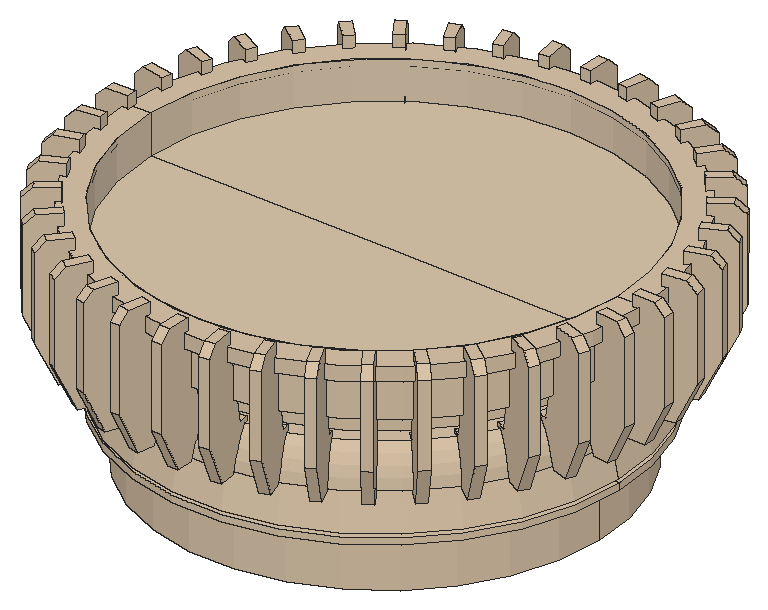
Revit family "KHL_Kemlux-Celing", category Lighting Fixtures, host Face, Revit 2013
Parameters (values of type "KHL-18L-X-5K-5M")
  Wattage Comments = "43 Watts, 18 LEDs"
  Wattage = 43 W
  Watt = 43 W
  built-in parameter 1150110 = 1 (stored number, unit not read)
  Voltage = 277 V
  URL = "http://www.hubbellindustrial.com/"
  built-in parameter 1114217 = 1 (stored number, unit not read)
  Tilt Angle = -90.00°
  built-in parameter 1150109 = 1 (stored number, unit not read)
  built-in parameter 1150134 = 2
  built-in parameter 1150113 = 1 (stored number, unit not read)
  Product Page URL = "http://www.hubbellindustrial.com/products/kh_iii_led"
  Product Documentation Link = "http://cdn.hubbellindustrial.com/content/products/specs/specs_files/hil_khl_specsht.pdf"
  Power Factor = 1
  Photometric Web Link = "http://www.hubbellindustrial.com/products/khl_flood"
  Photometric Web File = "KXL-18L-X-5K-5M.ies"
  Optics = "Type V Square"
  Model = "KHL - Kemlux III LED"  # constant formula
  Material Finish = Hubbell - Tan
  Manufacturer = "Hubbell Industrial Lighting"  # constant formula
  built-in parameter 1150105 = 345.6 (stored number, unit not read)
  Lumens = 4343 lm
  built-in parameter 1150115 = 1 (stored number, unit not read)
  Load Classification = Lighting
  built-in parameter 1150137 = (empty or 0)
  built-in parameter 1150139 = (empty or 0)
  built-in parameter 1150112 = 1 (stored number, unit not read)
  built-in parameter 1150114 = 1 (stored number, unit not read)
  Lamp = "18 High Performanc LEDs"
  built-in parameter 1150132 = (empty or 0)
  built-in parameter 1150102 = (empty or 0)
  built-in parameter 1150107 = 5000 (stored number, unit not read)
  built-in parameter 1150138 = (empty or 0)
  built-in parameter 1150106 = 3.456 (stored number, unit not read)
  Glass = Hubbell - White Glass
  Emit from Circle Diameter = 0' - 11"
  Emit Shape Visible in Rendering = no
  built-in parameter 1150104 = 9.3832 (stored number, unit not read)
  Dimming Lamp Color Temperature Shift = <None>
  Description = "Class I, Division 2 LED Fixture Series"  # constant formula
  Default Elevation = 4' - 0"
  Color Filter = 16777215
  built-in parameter 1114218 = 1 (stored number, unit not read)
  built-in parameter 1150133 = 10 (stored number, unit not read)
  Apparent Load = Watt / Power Factor  # 43 VA
Reference planes (in)
  plane 1 "Center (Front/Back)": y = 0
  plane 2: z = 0
  plane 3 "Center (Left/Right)": x = 0
  plane 4: x = -7
  plane 5: x = 7
Dimensions and locks (in)
  equal spacing: plane 5, plane 3 "Center (Left/Right)", plane 4, locked at 7 each
  aligned and locked: plane 2 to host face
  aligned and locked: level to host face
  aligned and locked: nested 1 to plane 3 "Center (Left/Right)"
  aligned and locked: nested 1 to plane 1 "Center (Front/Back)"
  aligned and locked: plane 3 "Center (Left/Right)" to imposter light
  aligned and locked: imposter light to plane 1 "Center (Front/Back)"
  aligned and locked: imposter light to nested 1
Automatic sketch dimensions
  host sketch curve to host sketch curve = 8' - 0"  (x2)
Nested families (in)
  nested 1: "KHL" at (0, 0, 0) x (-1, 0, 0) z (0, 0, 1), type "KHL"
Connectors (in)
  electrical at (0, 0, 0), driven by "Load Classification", driven by "Voltage", driven by "Apparent Load", driven by "Power Factor"
    settings: on nested 1, index 1, voltage 277 V, apparent load 43 VA, apparent load phase1 0 VA, apparent load phase2 0 VA, apparent load phase3 0 VA, power factor 1, load classification "Lighting", number of poles 1, system type 30, power factor state 1, is connector primary yes, connector utility no, sub classification motor no, connector description "Lighting Connector"
Definition of nested family "KHL"
  Parameters (values of type "KHL")
    Wattage Comments = ""
    URL = ""
    Model = ""
    Material Finish = none
    Manufacturer = ""
    Lamp = ""
    IES FILE LINK = ""
    Glass = none
    Description = ""
    Default Elevation = 4' - 0"
    Apparent Load = 0 VA
  Reference planes (in)
    plane 1 "Center (Front/Back)": y = 0
    plane 2: z = 0
    plane 3 "Center (Left/Right)": x = 0
    plane 4: z = 6
    plane 5: x = -7.25
    plane 6: x = 7.25
    plane 7: x = -5.5
    plane 8: x = 5.5
  Forms (in)
    Extrusion 1, solid
      sketch origin (0, 0, 0) x (1, 0, 0) y (0, 1, 0)
        loop
          line (-48, 48) -> (-48, -48) -> (48, -48) -> (48, 48) -> (-48, 48)
      from 0 to -12
    Revolve 2, solid, material <- "Material Finish"
      sketch origin (0, 0, 0) x (1, 0, 0) y (0, 0, 1)
        loop
          line (5.5, 0) -> (5.5, 1.3125) -> (6, 1.3125) -> (6, 1.47979) -> (5.5, 1.47979) -> (5.5, 1.5625) -> (5.99031, 1.5625) -> (5.73742, 2.6875) -> (6.24933, 2.6875)
          arc (6.24933, 2.6875) -> (6.15662, 3.19814) -> (5.89032, 3.6436) r 1.45262
          line (5.89032, 3.6436) -> (5.5, 3.6436) -> (5.5, 4.37254) -> (6.34375, 4.37254) -> (6.34375, 5.37007) -> (6.59375, 5.37007) -> (6.59375, 5.71977) -> (5.95302, 5.71977) -> (5.95302, 4.75) -> (0, 4.75) -> (0, 0) -> (5.5, 0)
        axis (0, 5.71977) -> (0, 0)
      angle from 0 to 360
    Extrusion 3, solid, material <- "Glass"
      sketch origin (0, 0, 0) x (1, 0, 0) y (0, 1, 0)
        loop
          circle (0, 0) r 5.95302
      from 5.71977 to 5.56262
    Extrusion 4, solid, material <- "Material Finish"
      sketch origin (0, 0, 0) x (1, 0, 0) y (0, 0, 1)
        loop
          line (6.42821, 6) -> (6.42821, 5.66655) -> (6.045, 3.7335) -> (5.75, 3.7335) -> (5.75, 3.06247) -> (6.1875, 3.06247) -> (6.31956, 2.66852) -> (6.75, 2.66852) -> (7.25, 3.69367) -> (7.25, 5.75) -> (7, 6) -> (6.42821, 6)
      from 0.125 to -0.125
    Extrusion 5, solid, material <- "Material Finish"
      sketch origin (0, 0, 0) x (0.987688, -0.156434, 0) y (0, 0, 1)
        loop
          line (6.42821, 6) -> (6.42821, 5.66655) -> (6.045, 3.7335) -> (5.75, 3.7335) -> (5.75, 3.06247) -> (6.1875, 3.06247) -> (6.31956, 2.66852) -> (6.75, 2.66852) -> (7.25, 3.69367) -> (7.25, 5.75) -> (7, 6) -> (6.42821, 6)
      from 0.125 to -0.125
    Extrusion 6, solid, material <- "Material Finish"
      sketch origin (0, 0, 0) x (0.951057, -0.309017, 0) y (0, 0, 1)
        loop
          line (6.42821, 6) -> (6.42821, 5.66655) -> (6.045, 3.7335) -> (5.75, 3.7335) -> (5.75, 3.06247) -> (6.1875, 3.06247) -> (6.31956, 2.66852) -> (6.75, 2.66852) -> (7.25, 3.69367) -> (7.25, 5.75) -> (7, 6) -> (6.42821, 6)
      from 0.125 to -0.125
    Extrusion 7, solid, material <- "Material Finish"
      sketch origin (0, 0, 0) x (0.891007, -0.45399, 0) y (0, 0, 1)
        loop
          line (6.42821, 6) -> (6.42821, 5.66655) -> (6.045, 3.7335) -> (5.75, 3.7335) -> (5.75, 3.06247) -> (6.1875, 3.06247) -> (6.31956, 2.66852) -> (6.75, 2.66852) -> (7.25, 3.69367) -> (7.25, 5.75) -> (7, 6) -> (6.42821, 6)
      from 0.125 to -0.125
    Extrusion 8, solid, material <- "Material Finish"
      sketch origin (0, 0, 0) x (0.809017, -0.587785, 0) y (0, 0, 1)
        loop
          line (6.42821, 6) -> (6.42821, 5.66655) -> (6.045, 3.7335) -> (5.75, 3.7335) -> (5.75, 3.06247) -> (6.1875, 3.06247) -> (6.31956, 2.66852) -> (6.75, 2.66852) -> (7.25, 3.69367) -> (7.25, 5.75) -> (7, 6) -> (6.42821, 6)
      from 0.125 to -0.125
    Extrusion 9, solid, material <- "Material Finish"
      sketch origin (0, 0, 0) x (0.707107, -0.707107, 0) y (0, 0, 1)
        loop
          line (6.42821, 6) -> (6.42821, 5.66655) -> (6.045, 3.7335) -> (5.75, 3.7335) -> (5.75, 3.06247) -> (6.1875, 3.06247) -> (6.31956, 2.66852) -> (6.75, 2.66852) -> (7.25, 3.69367) -> (7.25, 5.75) -> (7, 6) -> (6.42821, 6)
      from 0.125 to -0.125
    Extrusion 10, solid, material <- "Material Finish"
      sketch origin (0, 0, 0) x (0.587785, -0.809017, 0) y (0, 0, 1)
        loop
          line (6.42821, 6) -> (6.42821, 5.66655) -> (6.045, 3.7335) -> (5.75, 3.7335) -> (5.75, 3.06247) -> (6.1875, 3.06247) -> (6.31956, 2.66852) -> (6.75, 2.66852) -> (7.25, 3.69367) -> (7.25, 5.75) -> (7, 6) -> (6.42821, 6)
      from 0.125 to -0.125
    Extrusion 11, solid, material <- "Material Finish"
      sketch origin (0, 0, 0) x (0.45399, -0.891007, 0) y (0, 0, 1)
        loop
          line (6.42821, 6) -> (6.42821, 5.66655) -> (6.045, 3.7335) -> (5.75, 3.7335) -> (5.75, 3.06247) -> (6.1875, 3.06247) -> (6.31956, 2.66852) -> (6.75, 2.66852) -> (7.25, 3.69367) -> (7.25, 5.75) -> (7, 6) -> (6.42821, 6)
      from 0.125 to -0.125
    Extrusion 12, solid, material <- "Material Finish"
      sketch origin (0, 0, 0) x (0.309017, -0.951057, 0) y (0, 0, 1)
        loop
          line (6.42821, 6) -> (6.42821, 5.66655) -> (6.045, 3.7335) -> (5.75, 3.7335) -> (5.75, 3.06247) -> (6.1875, 3.06247) -> (6.31956, 2.66852) -> (6.75, 2.66852) -> (7.25, 3.69367) -> (7.25, 5.75) -> (7, 6) -> (6.42821, 6)
      from 0.125 to -0.125
    Extrusion 13, solid, material <- "Material Finish"
      sketch origin (0, 0, 0) x (0.156434, -0.987688, 0) y (0, 0, 1)
        loop
          line (6.42821, 6) -> (6.42821, 5.66655) -> (6.045, 3.7335) -> (5.75, 3.7335) -> (5.75, 3.06247) -> (6.1875, 3.06247) -> (6.31956, 2.66852) -> (6.75, 2.66852) -> (7.25, 3.69367) -> (7.25, 5.75) -> (7, 6) -> (6.42821, 6)
      from 0.125 to -0.125
    Extrusion 14, solid, material <- "Material Finish"
      sketch origin (0, 0, 0) x (0, -1, 0) y (0, 0, 1)
        loop
          line (6.42821, 6) -> (6.42821, 5.66655) -> (6.045, 3.7335) -> (5.75, 3.7335) -> (5.75, 3.06247) -> (6.1875, 3.06247) -> (6.31956, 2.66852) -> (6.75, 2.66852) -> (7.25, 3.69367) -> (7.25, 5.75) -> (7, 6) -> (6.42821, 6)
      from 0.125 to -0.125
    Extrusion 15, solid, material <- "Material Finish"
      sketch origin (0, 0, 0) x (-0.156434, -0.987688, 0) y (0, 0, 1)
        loop
          line (6.42821, 6) -> (6.42821, 5.66655) -> (6.045, 3.7335) -> (5.75, 3.7335) -> (5.75, 3.06247) -> (6.1875, 3.06247) -> (6.31956, 2.66852) -> (6.75, 2.66852) -> (7.25, 3.69367) -> (7.25, 5.75) -> (7, 6) -> (6.42821, 6)
      from 0.125 to -0.125
    Extrusion 16, solid, material <- "Material Finish"
      sketch origin (0, 0, 0) x (-0.309017, -0.951057, 0) y (0, 0, 1)
        loop
          line (6.42821, 6) -> (6.42821, 5.66655) -> (6.045, 3.7335) -> (5.75, 3.7335) -> (5.75, 3.06247) -> (6.1875, 3.06247) -> (6.31956, 2.66852) -> (6.75, 2.66852) -> (7.25, 3.69367) -> (7.25, 5.75) -> (7, 6) -> (6.42821, 6)
      from 0.125 to -0.125
    Extrusion 17, solid, material <- "Material Finish"
      sketch origin (0, 0, 0) x (-0.45399, -0.891007, 0) y (0, 0, 1)
        loop
          line (6.42821, 6) -> (6.42821, 5.66655) -> (6.045, 3.7335) -> (5.75, 3.7335) -> (5.75, 3.06247) -> (6.1875, 3.06247) -> (6.31956, 2.66852) -> (6.75, 2.66852) -> (7.25, 3.69367) -> (7.25, 5.75) -> (7, 6) -> (6.42821, 6)
      from 0.125 to -0.125
    Extrusion 18, solid, material <- "Material Finish"
      sketch origin (0, 0, 0) x (-0.587785, -0.809017, 0) y (0, 0, 1)
        loop
          line (6.42821, 6) -> (6.42821, 5.66655) -> (6.045, 3.7335) -> (5.75, 3.7335) -> (5.75, 3.06247) -> (6.1875, 3.06247) -> (6.31956, 2.66852) -> (6.75, 2.66852) -> (7.25, 3.69367) -> (7.25, 5.75) -> (7, 6) -> (6.42821, 6)
      from 0.125 to -0.125
    Extrusion 19, solid, material <- "Material Finish"
      sketch origin (0, 0, 0) x (-0.707107, -0.707107, 0) y (0, 0, 1)
        loop
          line (6.42821, 6) -> (6.42821, 5.66655) -> (6.045, 3.7335) -> (5.75, 3.7335) -> (5.75, 3.06247) -> (6.1875, 3.06247) -> (6.31956, 2.66852) -> (6.75, 2.66852) -> (7.25, 3.69367) -> (7.25, 5.75) -> (7, 6) -> (6.42821, 6)
      from 0.125 to -0.125
    Extrusion 20, solid, material <- "Material Finish"
      sketch origin (0, 0, 0) x (-0.809017, -0.587785, 0) y (0, 0, 1)
        loop
          line (6.42821, 6) -> (6.42821, 5.66655) -> (6.045, 3.7335) -> (5.75, 3.7335) -> (5.75, 3.06247) -> (6.1875, 3.06247) -> (6.31956, 2.66852) -> (6.75, 2.66852) -> (7.25, 3.69367) -> (7.25, 5.75) -> (7, 6) -> (6.42821, 6)
      from 0.125 to -0.125
    Extrusion 21, solid, material <- "Material Finish"
      sketch origin (0, 0, 0) x (-0.891007, -0.45399, 0) y (0, 0, 1)
        loop
          line (6.42821, 6) -> (6.42821, 5.66655) -> (6.045, 3.7335) -> (5.75, 3.7335) -> (5.75, 3.06247) -> (6.1875, 3.06247) -> (6.31956, 2.66852) -> (6.75, 2.66852) -> (7.25, 3.69367) -> (7.25, 5.75) -> (7, 6) -> (6.42821, 6)
      from 0.125 to -0.125
    Extrusion 22, solid, material <- "Material Finish"
      sketch origin (0, 0, 0) x (-0.951057, -0.309017, 0) y (0, 0, 1)
        loop
          line (6.42821, 6) -> (6.42821, 5.66655) -> (6.045, 3.7335) -> (5.75, 3.7335) -> (5.75, 3.06247) -> (6.1875, 3.06247) -> (6.31956, 2.66852) -> (6.75, 2.66852) -> (7.25, 3.69367) -> (7.25, 5.75) -> (7, 6) -> (6.42821, 6)
      from 0.125 to -0.125
    Extrusion 23, solid, material <- "Material Finish"
      sketch origin (0, 0, 0) x (-0.987688, -0.156434, 0) y (0, 0, 1)
        loop
          line (6.42821, 6) -> (6.42821, 5.66655) -> (6.045, 3.7335) -> (5.75, 3.7335) -> (5.75, 3.06247) -> (6.1875, 3.06247) -> (6.31956, 2.66852) -> (6.75, 2.66852) -> (7.25, 3.69367) -> (7.25, 5.75) -> (7, 6) -> (6.42821, 6)
      from 0.125 to -0.125
    Extrusion 24, solid, material <- "Material Finish"
      sketch origin (0, 0, 0) x (-1, 0, 0) y (0, 0, 1)
        loop
          line (6.42821, 6) -> (6.42821, 5.66655) -> (6.045, 3.7335) -> (5.75, 3.7335) -> (5.75, 3.06247) -> (6.1875, 3.06247) -> (6.31956, 2.66852) -> (6.75, 2.66852) -> (7.25, 3.69367) -> (7.25, 5.75) -> (7, 6) -> (6.42821, 6)
      from 0.125 to -0.125
    Extrusion 25, solid, material <- "Material Finish"
      sketch origin (0, 0, 0) x (-0.987688, 0.156434, 0) y (0, 0, 1)
        loop
          line (6.42821, 6) -> (6.42821, 5.66655) -> (6.045, 3.7335) -> (5.75, 3.7335) -> (5.75, 3.06247) -> (6.1875, 3.06247) -> (6.31956, 2.66852) -> (6.75, 2.66852) -> (7.25, 3.69367) -> (7.25, 5.75) -> (7, 6) -> (6.42821, 6)
      from 0.125 to -0.125
    Extrusion 26, solid, material <- "Material Finish"
      sketch origin (0, 0, 0) x (-0.951057, 0.309017, 0) y (0, 0, 1)
        loop
          line (6.42821, 6) -> (6.42821, 5.66655) -> (6.045, 3.7335) -> (5.75, 3.7335) -> (5.75, 3.06247) -> (6.1875, 3.06247) -> (6.31956, 2.66852) -> (6.75, 2.66852) -> (7.25, 3.69367) -> (7.25, 5.75) -> (7, 6) -> (6.42821, 6)
      from 0.125 to -0.125
    Extrusion 27, solid, material <- "Material Finish"
      sketch origin (0, 0, 0) x (-0.891007, 0.45399, 0) y (0, 0, 1)
        loop
          line (6.42821, 6) -> (6.42821, 5.66655) -> (6.045, 3.7335) -> (5.75, 3.7335) -> (5.75, 3.06247) -> (6.1875, 3.06247) -> (6.31956, 2.66852) -> (6.75, 2.66852) -> (7.25, 3.69367) -> (7.25, 5.75) -> (7, 6) -> (6.42821, 6)
      from 0.125 to -0.125
    Extrusion 28, solid, material <- "Material Finish"
      sketch origin (0, 0, 0) x (-0.809017, 0.587785, 0) y (0, 0, 1)
        loop
          line (6.42821, 6) -> (6.42821, 5.66655) -> (6.045, 3.7335) -> (5.75, 3.7335) -> (5.75, 3.06247) -> (6.1875, 3.06247) -> (6.31956, 2.66852) -> (6.75, 2.66852) -> (7.25, 3.69367) -> (7.25, 5.75) -> (7, 6) -> (6.42821, 6)
      from 0.125 to -0.125
    Extrusion 29, solid, material <- "Material Finish"
      sketch origin (0, 0, 0) x (-0.707107, 0.707107, 0) y (0, 0, 1)
        loop
          line (6.42821, 6) -> (6.42821, 5.66655) -> (6.045, 3.7335) -> (5.75, 3.7335) -> (5.75, 3.06247) -> (6.1875, 3.06247) -> (6.31956, 2.66852) -> (6.75, 2.66852) -> (7.25, 3.69367) -> (7.25, 5.75) -> (7, 6) -> (6.42821, 6)
      from 0.125 to -0.125
    Extrusion 30, solid, material <- "Material Finish"
      sketch origin (0, 0, 0) x (-0.587785, 0.809017, 0) y (0, 0, 1)
        loop
          line (6.42821, 6) -> (6.42821, 5.66655) -> (6.045, 3.7335) -> (5.75, 3.7335) -> (5.75, 3.06247) -> (6.1875, 3.06247) -> (6.31956, 2.66852) -> (6.75, 2.66852) -> (7.25, 3.69367) -> (7.25, 5.75) -> (7, 6) -> (6.42821, 6)
      from 0.125 to -0.125
    Extrusion 31, solid, material <- "Material Finish"
      sketch origin (0, 0, 0) x (-0.45399, 0.891007, 0) y (0, 0, 1)
        loop
          line (6.42821, 6) -> (6.42821, 5.66655) -> (6.045, 3.7335) -> (5.75, 3.7335) -> (5.75, 3.06247) -> (6.1875, 3.06247) -> (6.31956, 2.66852) -> (6.75, 2.66852) -> (7.25, 3.69367) -> (7.25, 5.75) -> (7, 6) -> (6.42821, 6)
      from 0.125 to -0.125
    Extrusion 32, solid, material <- "Material Finish"
      sketch origin (0, 0, 0) x (-0.309017, 0.951057, 0) y (0, 0, 1)
        loop
          line (6.42821, 6) -> (6.42821, 5.66655) -> (6.045, 3.7335) -> (5.75, 3.7335) -> (5.75, 3.06247) -> (6.1875, 3.06247) -> (6.31956, 2.66852) -> (6.75, 2.66852) -> (7.25, 3.69367) -> (7.25, 5.75) -> (7, 6) -> (6.42821, 6)
      from 0.125 to -0.125
    Extrusion 33, solid, material <- "Material Finish"
      sketch origin (0, 0, 0) x (-0.156434, 0.987688, 0) y (0, 0, 1)
        loop
          line (6.42821, 6) -> (6.42821, 5.66655) -> (6.045, 3.7335) -> (5.75, 3.7335) -> (5.75, 3.06247) -> (6.1875, 3.06247) -> (6.31956, 2.66852) -> (6.75, 2.66852) -> (7.25, 3.69367) -> (7.25, 5.75) -> (7, 6) -> (6.42821, 6)
      from 0.125 to -0.125
    Extrusion 34, solid, material <- "Material Finish"
      sketch origin (0, 0, 0) x (0, 1, 0) y (0, 0, 1)
        loop
          line (6.42821, 6) -> (6.42821, 5.66655) -> (6.045, 3.7335) -> (5.75, 3.7335) -> (5.75, 3.06247) -> (6.1875, 3.06247) -> (6.31956, 2.66852) -> (6.75, 2.66852) -> (7.25, 3.69367) -> (7.25, 5.75) -> (7, 6) -> (6.42821, 6)
      from 0.125 to -0.125
    Extrusion 35, solid, material <- "Material Finish"
      sketch origin (0, 0, 0) x (0.156434, 0.987688, 0) y (0, 0, 1)
        loop
          line (6.42821, 6) -> (6.42821, 5.66655) -> (6.045, 3.7335) -> (5.75, 3.7335) -> (5.75, 3.06247) -> (6.1875, 3.06247) -> (6.31956, 2.66852) -> (6.75, 2.66852) -> (7.25, 3.69367) -> (7.25, 5.75) -> (7, 6) -> (6.42821, 6)
      from 0.125 to -0.125
    Extrusion 36, solid, material <- "Material Finish"
      sketch origin (0, 0, 0) x (0.309017, 0.951057, 0) y (0, 0, 1)
        loop
          line (6.42821, 6) -> (6.42821, 5.66655) -> (6.045, 3.7335) -> (5.75, 3.7335) -> (5.75, 3.06247) -> (6.1875, 3.06247) -> (6.31956, 2.66852) -> (6.75, 2.66852) -> (7.25, 3.69367) -> (7.25, 5.75) -> (7, 6) -> (6.42821, 6)
      from 0.125 to -0.125
    Extrusion 37, solid, material <- "Material Finish"
      sketch origin (0, 0, 0) x (0.45399, 0.891007, 0) y (0, 0, 1)
        loop
          line (6.42821, 6) -> (6.42821, 5.66655) -> (6.045, 3.7335) -> (5.75, 3.7335) -> (5.75, 3.06247) -> (6.1875, 3.06247) -> (6.31956, 2.66852) -> (6.75, 2.66852) -> (7.25, 3.69367) -> (7.25, 5.75) -> (7, 6) -> (6.42821, 6)
      from 0.125 to -0.125
    Extrusion 38, solid, material <- "Material Finish"
      sketch origin (0, 0, 0) x (0.587785, 0.809017, 0) y (0, 0, 1)
        loop
          line (6.42821, 6) -> (6.42821, 5.66655) -> (6.045, 3.7335) -> (5.75, 3.7335) -> (5.75, 3.06247) -> (6.1875, 3.06247) -> (6.31956, 2.66852) -> (6.75, 2.66852) -> (7.25, 3.69367) -> (7.25, 5.75) -> (7, 6) -> (6.42821, 6)
      from 0.125 to -0.125
    Extrusion 39, solid, material <- "Material Finish"
      sketch origin (0, 0, 0) x (0.707107, 0.707107, 0) y (0, 0, 1)
        loop
          line (6.42821, 6) -> (6.42821, 5.66655) -> (6.045, 3.7335) -> (5.75, 3.7335) -> (5.75, 3.06247) -> (6.1875, 3.06247) -> (6.31956, 2.66852) -> (6.75, 2.66852) -> (7.25, 3.69367) -> (7.25, 5.75) -> (7, 6) -> (6.42821, 6)
      from 0.125 to -0.125
    Extrusion 40, solid, material <- "Material Finish"
      sketch origin (0, 0, 0) x (0.809017, 0.587785, 0) y (0, 0, 1)
        loop
          line (6.42821, 6) -> (6.42821, 5.66655) -> (6.045, 3.7335) -> (5.75, 3.7335) -> (5.75, 3.06247) -> (6.1875, 3.06247) -> (6.31956, 2.66852) -> (6.75, 2.66852) -> (7.25, 3.69367) -> (7.25, 5.75) -> (7, 6) -> (6.42821, 6)
      from 0.125 to -0.125
    Extrusion 41, solid, material <- "Material Finish"
      sketch origin (0, 0, 0) x (0.891007, 0.45399, 0) y (0, 0, 1)
        loop
          line (6.42821, 6) -> (6.42821, 5.66655) -> (6.045, 3.7335) -> (5.75, 3.7335) -> (5.75, 3.06247) -> (6.1875, 3.06247) -> (6.31956, 2.66852) -> (6.75, 2.66852) -> (7.25, 3.69367) -> (7.25, 5.75) -> (7, 6) -> (6.42821, 6)
      from 0.125 to -0.125
    Extrusion 42, solid, material <- "Material Finish"
      sketch origin (0, 0, 0) x (0.951057, 0.309017, 0) y (0, 0, 1)
        loop
          line (6.42821, 6) -> (6.42821, 5.66655) -> (6.045, 3.7335) -> (5.75, 3.7335) -> (5.75, 3.06247) -> (6.1875, 3.06247) -> (6.31956, 2.66852) -> (6.75, 2.66852) -> (7.25, 3.69367) -> (7.25, 5.75) -> (7, 6) -> (6.42821, 6)
      from 0.125 to -0.125
    Extrusion 43, solid, material <- "Material Finish"
      sketch origin (0, 0, 0) x (0.987688, 0.156434, 0) y (0, 0, 1)
        loop
          line (6.42821, 6) -> (6.42821, 5.66655) -> (6.045, 3.7335) -> (5.75, 3.7335) -> (5.75, 3.06247) -> (6.1875, 3.06247) -> (6.31956, 2.66852) -> (6.75, 2.66852) -> (7.25, 3.69367) -> (7.25, 5.75) -> (7, 6) -> (6.42821, 6)
      from 0.125 to -0.125
  Lines and regions (in)
    reference lines
      curve 1: line (5.95302, 0, 4.75) -> (0, 0, 4.75)
      curve 2: line (5.95302, 0, 5.92266) -> (5.95302, 0, 4.75)
      curve 3: line (6.59375, 0, 5.37007) -> (6.59375, 0, 5.92266)
      curve 4: line (6.34375, 0, 5.37007) -> (6.59375, 0, 5.37007)
      curve 5: line (6.34375, 0, 4.37254) -> (5.5, 0, 4.37254)
      curve 6: line (6.34375, 0, 4.37254) -> (6.34375, 0, 5.37007)
      curve 7: arc (6.25, 0, 2.75) -> (6.14885, 0, 3.28681) -> (5.85927, 0, 3.75) r 1.47501
      curve 8: line (5.85927, 0, 2.75) -> (6.25, 0, 2.75)
      curve 9: line (5.85927, 0, 2.75) -> (5.85927, 0, 1.75)
      curve 10: line (5.85927, 0, 1.75) -> (4.74529, 0, 1.75)
      curve 11: line (5.85927, 0, 3.75) -> (4.8978, 0, 3.75)
      curve 12: line (5.10824, 0, 5.71977) -> (6.99125, 0, 5.71977)
  Dimensions and locks (in)
    locked: plane 4 to plane 2 at 6
    equal spacing: plane 6, plane 3 "Center (Left/Right)", plane 5
    locked: plane 6 to plane 5 at 14.5
    equal spacing: plane 8, plane 3 "Center (Left/Right)", plane 7, locked at 5.5 each
    aligned and locked: plane 2 to Extrusion 1
    aligned and locked: level to Extrusion 1
    aligned and locked: Revolve 2 sketch curve to plane 2
    aligned and locked: Extrusion 3 sketch curve to Revolve 2
    aligned and locked: Revolve 2 sketch curve to curve 1
    aligned and locked: Revolve 2 sketch curve to plane 8
    aligned and locked: plane 8 to Revolve 2 sketch curve
    aligned and locked: curve 5 to Revolve 2 sketch curve
    aligned and locked: Revolve 2 sketch curve to curve 6
    aligned and locked: Revolve 2 sketch curve to curve 4
    aligned and locked: Revolve 2 sketch curve to curve 3
    aligned and locked: Revolve 2 sketch curve to curve 12
  Automatic sketch dimensions
    Extrusion 1 sketch curve to Extrusion 1 sketch curve = 8' - 0"  (x2)
    curve 1 to plane 3 "Center (Left/Right)" = 0' - 0"
    plane 8 to curve 5 = 0' - 0"
    plane 8 to curve 10 = 0' - 0.75471"
    plane 8 to curve 7 = 0' - 0.72501"
    plane 8 to curve 11 = 0' - 0.6022"
    plane 8 to curve 12 = 0' - 0.39176"
    curve 11 to plane 8 = 0' - 0.35927"
    curve 8 to plane 8 = 0' - 0.35927"
    curve 2 to plane 4 = 0' - 0.07734"
    curve 2 to plane 8 = 0' - 0.45302"
    curve 8 to curve 8 = 0' - 0.39073"
    curve 1 to curve 6 = 0' - 0.39073"
    curve 4 to curve 4 = 0' - 0 1/4"
    plane 6 to curve 12 = 0' - 0.25875"
    curve 12 to plane 4 = 0' - 0.28023"
    curve 6 to plane 4 = 0' - 0.62993"
    curve 2 to curve 4 = 0' - 0.62007"
    curve 5 to curve 1 = 0' - 0.37746"
    curve 11 to curve 5 = 0' - 0.62254"
    curve 9 to curve 8 = 0' - 1"
    curve 3 to plane 4 = 0' - 0.07734"
    Extrusion 4 sketch curve to Extrusion 4 sketch curve = 0' - 0 7/16"
    Extrusion 4 sketch curve to Extrusion 4 sketch curve = 0' - 0.13206"
    Extrusion 4 sketch curve to Extrusion 4 sketch curve = 0' - 0.295"
    Extrusion 4 sketch curve to Extrusion 4 sketch curve = 0' - 0.38321"
    Extrusion 4 sketch curve to Extrusion 4 sketch curve = 0' - 0.43044"
    Extrusion 4 sketch curve to Extrusion 4 sketch curve = 0' - 0.57179"
    Extrusion 4 sketch curve to Extrusion 4 sketch curve = 0' - 0 1/4"  (x2)
    Extrusion 4 sketch curve to Extrusion 4 sketch curve = 0' - 0.39395"
    Extrusion 4 sketch curve to Extrusion 4 sketch curve = 0' - 1.02515"
    Extrusion 4 sketch curve to Extrusion 4 sketch curve = 0' - 0.67103"
    Extrusion 4 sketch curve to Extrusion 4 sketch curve = 0' - 1.93305"
    Extrusion 4 sketch curve to Extrusion 4 sketch curve = 0' - 0.08345"
    Extrusion 5 sketch curve to Extrusion 5 sketch curve = 0' - 0 7/16"
    Extrusion 5 sketch curve to Extrusion 5 sketch curve = 0' - 0.13206"
    Extrusion 5 sketch curve to Extrusion 5 sketch curve = 0' - 0.295"
    Extrusion 5 sketch curve to Extrusion 5 sketch curve = 0' - 0.38321"
    Extrusion 5 sketch curve to Extrusion 5 sketch curve = 0' - 0.43044"
    Extrusion 5 sketch curve to Extrusion 5 sketch curve = 0' - 0.57179"
    Extrusion 5 sketch curve to Extrusion 5 sketch curve = 0' - 0 1/4"  (x2)
    Extrusion 5 sketch curve to Extrusion 5 sketch curve = 0' - 0.39395"
    Extrusion 5 sketch curve to Extrusion 5 sketch curve = 0' - 1.02515"
    Extrusion 5 sketch curve to Extrusion 5 sketch curve = 0' - 0.67103"
    Extrusion 5 sketch curve to Extrusion 5 sketch curve = 0' - 1.93305"
    Extrusion 5 sketch curve to Extrusion 5 sketch curve = 0' - 0.08345"
    Extrusion 6 sketch curve to Extrusion 6 sketch curve = 0' - 0 7/16"
    Extrusion 6 sketch curve to Extrusion 6 sketch curve = 0' - 0.13206"
    Extrusion 6 sketch curve to Extrusion 6 sketch curve = 0' - 0.295"
    Extrusion 6 sketch curve to Extrusion 6 sketch curve = 0' - 0.38321"
    Extrusion 6 sketch curve to Extrusion 6 sketch curve = 0' - 0.43044"
    Extrusion 6 sketch curve to Extrusion 6 sketch curve = 0' - 0.57179"
    Extrusion 6 sketch curve to Extrusion 6 sketch curve = 0' - 0 1/4"  (x2)
    Extrusion 6 sketch curve to Extrusion 6 sketch curve = 0' - 0.39395"
    Extrusion 6 sketch curve to Extrusion 6 sketch curve = 0' - 1.02515"
    Extrusion 6 sketch curve to Extrusion 6 sketch curve = 0' - 0.67103"
    Extrusion 6 sketch curve to Extrusion 6 sketch curve = 0' - 1.93305"
    Extrusion 6 sketch curve to Extrusion 6 sketch curve = 0' - 0.08345"
    Extrusion 7 sketch curve to Extrusion 7 sketch curve = 0' - 0 7/16"
    Extrusion 7 sketch curve to Extrusion 7 sketch curve = 0' - 0.13206"
    Extrusion 7 sketch curve to Extrusion 7 sketch curve = 0' - 0.295"
    Extrusion 7 sketch curve to Extrusion 7 sketch curve = 0' - 0.38321"
    Extrusion 7 sketch curve to Extrusion 7 sketch curve = 0' - 0.43044"
    Extrusion 7 sketch curve to Extrusion 7 sketch curve = 0' - 0.57179"
    Extrusion 7 sketch curve to Extrusion 7 sketch curve = 0' - 0 1/4"  (x2)
    Extrusion 7 sketch curve to Extrusion 7 sketch curve = 0' - 0.39395"
    Extrusion 7 sketch curve to Extrusion 7 sketch curve = 0' - 1.02515"
    Extrusion 7 sketch curve to Extrusion 7 sketch curve = 0' - 0.67103"
    Extrusion 7 sketch curve to Extrusion 7 sketch curve = 0' - 1.93305"
    Extrusion 7 sketch curve to Extrusion 7 sketch curve = 0' - 0.08345"
    Extrusion 8 sketch curve to Extrusion 8 sketch curve = 0' - 0 7/16"
    Extrusion 8 sketch curve to Extrusion 8 sketch curve = 0' - 0.13206"
    Extrusion 8 sketch curve to Extrusion 8 sketch curve = 0' - 0.295"
    Extrusion 8 sketch curve to Extrusion 8 sketch curve = 0' - 0.38321"
    Extrusion 8 sketch curve to Extrusion 8 sketch curve = 0' - 0.43044"
    Extrusion 8 sketch curve to Extrusion 8 sketch curve = 0' - 0.57179"
    Extrusion 8 sketch curve to Extrusion 8 sketch curve = 0' - 0 1/4"  (x2)
    Extrusion 8 sketch curve to Extrusion 8 sketch curve = 0' - 0.39395"
    Extrusion 8 sketch curve to Extrusion 8 sketch curve = 0' - 1.02515"
    Extrusion 8 sketch curve to Extrusion 8 sketch curve = 0' - 0.67103"
    Extrusion 8 sketch curve to Extrusion 8 sketch curve = 0' - 1.93305"
    Extrusion 8 sketch curve to Extrusion 8 sketch curve = 0' - 0.08345"
    Extrusion 9 sketch curve to Extrusion 9 sketch curve = 0' - 0 7/16"
    Extrusion 9 sketch curve to Extrusion 9 sketch curve = 0' - 0.13206"
    Extrusion 9 sketch curve to Extrusion 9 sketch curve = 0' - 0.295"
    Extrusion 9 sketch curve to Extrusion 9 sketch curve = 0' - 0.38321"
    Extrusion 9 sketch curve to Extrusion 9 sketch curve = 0' - 0.43044"
    Extrusion 9 sketch curve to Extrusion 9 sketch curve = 0' - 0.57179"
    Extrusion 9 sketch curve to Extrusion 9 sketch curve = 0' - 0 1/4"  (x2)
    Extrusion 9 sketch curve to Extrusion 9 sketch curve = 0' - 0.39395"
    Extrusion 9 sketch curve to Extrusion 9 sketch curve = 0' - 1.02515"
    Extrusion 9 sketch curve to Extrusion 9 sketch curve = 0' - 0.67103"
    Extrusion 9 sketch curve to Extrusion 9 sketch curve = 0' - 1.93305"
    Extrusion 9 sketch curve to Extrusion 9 sketch curve = 0' - 0.08345"
    Extrusion 10 sketch curve to Extrusion 10 sketch curve = 0' - 0 7/16"
    Extrusion 10 sketch curve to Extrusion 10 sketch curve = 0' - 0.13206"
    Extrusion 10 sketch curve to Extrusion 10 sketch curve = 0' - 0.295"
    Extrusion 10 sketch curve to Extrusion 10 sketch curve = 0' - 0.38321"
    Extrusion 10 sketch curve to Extrusion 10 sketch curve = 0' - 0.43044"
    Extrusion 10 sketch curve to Extrusion 10 sketch curve = 0' - 0.57179"
    Extrusion 10 sketch curve to Extrusion 10 sketch curve = 0' - 0 1/4"  (x2)
    Extrusion 10 sketch curve to Extrusion 10 sketch curve = 0' - 0.39395"
    Extrusion 10 sketch curve to Extrusion 10 sketch curve = 0' - 1.02515"
    Extrusion 10 sketch curve to Extrusion 10 sketch curve = 0' - 0.67103"
    Extrusion 10 sketch curve to Extrusion 10 sketch curve = 0' - 1.93305"
    Extrusion 10 sketch curve to Extrusion 10 sketch curve = 0' - 0.08345"
    Extrusion 11 sketch curve to Extrusion 11 sketch curve = 0' - 0 7/16"
    Extrusion 11 sketch curve to Extrusion 11 sketch curve = 0' - 0.13206"
    Extrusion 11 sketch curve to Extrusion 11 sketch curve = 0' - 0.295"
    Extrusion 11 sketch curve to Extrusion 11 sketch curve = 0' - 0.38321"
    Extrusion 11 sketch curve to Extrusion 11 sketch curve = 0' - 0.43044"
    Extrusion 11 sketch curve to Extrusion 11 sketch curve = 0' - 0.57179"
    Extrusion 11 sketch curve to Extrusion 11 sketch curve = 0' - 0 1/4"  (x2)
    Extrusion 11 sketch curve to Extrusion 11 sketch curve = 0' - 0.39395"
    Extrusion 11 sketch curve to Extrusion 11 sketch curve = 0' - 1.02515"
    Extrusion 11 sketch curve to Extrusion 11 sketch curve = 0' - 0.67103"
    Extrusion 11 sketch curve to Extrusion 11 sketch curve = 0' - 1.93305"
    Extrusion 11 sketch curve to Extrusion 11 sketch curve = 0' - 0.08345"
    Extrusion 12 sketch curve to Extrusion 12 sketch curve = 0' - 0 7/16"
    Extrusion 12 sketch curve to Extrusion 12 sketch curve = 0' - 0.13206"
    Extrusion 12 sketch curve to Extrusion 12 sketch curve = 0' - 0.295"
    Extrusion 12 sketch curve to Extrusion 12 sketch curve = 0' - 0.38321"
    Extrusion 12 sketch curve to Extrusion 12 sketch curve = 0' - 0.43044"
    Extrusion 12 sketch curve to Extrusion 12 sketch curve = 0' - 0.57179"
    Extrusion 12 sketch curve to Extrusion 12 sketch curve = 0' - 0 1/4"  (x2)
    Extrusion 12 sketch curve to Extrusion 12 sketch curve = 0' - 0.39395"
    Extrusion 12 sketch curve to Extrusion 12 sketch curve = 0' - 1.02515"
    Extrusion 12 sketch curve to Extrusion 12 sketch curve = 0' - 0.67103"
    Extrusion 12 sketch curve to Extrusion 12 sketch curve = 0' - 1.93305"
    Extrusion 12 sketch curve to Extrusion 12 sketch curve = 0' - 0.08345"
    Extrusion 13 sketch curve to Extrusion 13 sketch curve = 0' - 0 7/16"
    Extrusion 13 sketch curve to Extrusion 13 sketch curve = 0' - 0.13206"
    Extrusion 13 sketch curve to Extrusion 13 sketch curve = 0' - 0.295"
    Extrusion 13 sketch curve to Extrusion 13 sketch curve = 0' - 0.38321"
    Extrusion 13 sketch curve to Extrusion 13 sketch curve = 0' - 0.43044"
    Extrusion 13 sketch curve to Extrusion 13 sketch curve = 0' - 0.57179"
    Extrusion 13 sketch curve to Extrusion 13 sketch curve = 0' - 0 1/4"  (x2)
    Extrusion 13 sketch curve to Extrusion 13 sketch curve = 0' - 0.39395"
    Extrusion 13 sketch curve to Extrusion 13 sketch curve = 0' - 1.02515"
    Extrusion 13 sketch curve to Extrusion 13 sketch curve = 0' - 0.67103"
    Extrusion 13 sketch curve to Extrusion 13 sketch curve = 0' - 1.93305"
    Extrusion 13 sketch curve to Extrusion 13 sketch curve = 0' - 0.08345"
    Extrusion 14 sketch curve to Extrusion 14 sketch curve = 0' - 0 7/16"
    Extrusion 14 sketch curve to Extrusion 14 sketch curve = 0' - 0.13206"
    Extrusion 14 sketch curve to Extrusion 14 sketch curve = 0' - 0.295"
    Extrusion 14 sketch curve to Extrusion 14 sketch curve = 0' - 0.38321"
    Extrusion 14 sketch curve to Extrusion 14 sketch curve = 0' - 0.43044"
    Extrusion 14 sketch curve to Extrusion 14 sketch curve = 0' - 0.57179"
    Extrusion 14 sketch curve to Extrusion 14 sketch curve = 0' - 0 1/4"  (x2)
    Extrusion 14 sketch curve to Extrusion 14 sketch curve = 0' - 0.39395"
    Extrusion 14 sketch curve to Extrusion 14 sketch curve = 0' - 1.02515"
    Extrusion 14 sketch curve to Extrusion 14 sketch curve = 0' - 0.67103"
    Extrusion 14 sketch curve to Extrusion 14 sketch curve = 0' - 1.93305"
    Extrusion 14 sketch curve to Extrusion 14 sketch curve = 0' - 0.08345"
    Extrusion 15 sketch curve to Extrusion 15 sketch curve = 0' - 0 7/16"
    Extrusion 15 sketch curve to Extrusion 15 sketch curve = 0' - 0.13206"
    Extrusion 15 sketch curve to Extrusion 15 sketch curve = 0' - 0.295"
    Extrusion 15 sketch curve to Extrusion 15 sketch curve = 0' - 0.38321"
    Extrusion 15 sketch curve to Extrusion 15 sketch curve = 0' - 0.43044"
    Extrusion 15 sketch curve to Extrusion 15 sketch curve = 0' - 0.57179"
    Extrusion 15 sketch curve to Extrusion 15 sketch curve = 0' - 0 1/4"  (x2)
    Extrusion 15 sketch curve to Extrusion 15 sketch curve = 0' - 0.39395"
    Extrusion 15 sketch curve to Extrusion 15 sketch curve = 0' - 1.02515"
    Extrusion 15 sketch curve to Extrusion 15 sketch curve = 0' - 0.67103"
    Extrusion 15 sketch curve to Extrusion 15 sketch curve = 0' - 1.93305"
    Extrusion 15 sketch curve to Extrusion 15 sketch curve = 0' - 0.08345"
    Extrusion 16 sketch curve to Extrusion 16 sketch curve = 0' - 0 7/16"
    Extrusion 16 sketch curve to Extrusion 16 sketch curve = 0' - 0.13206"
    Extrusion 16 sketch curve to Extrusion 16 sketch curve = 0' - 0.295"
    Extrusion 16 sketch curve to Extrusion 16 sketch curve = 0' - 0.38321"
    Extrusion 16 sketch curve to Extrusion 16 sketch curve = 0' - 0.43044"
    Extrusion 16 sketch curve to Extrusion 16 sketch curve = 0' - 0.57179"
    Extrusion 16 sketch curve to Extrusion 16 sketch curve = 0' - 0 1/4"  (x2)
    Extrusion 16 sketch curve to Extrusion 16 sketch curve = 0' - 0.39395"
    Extrusion 16 sketch curve to Extrusion 16 sketch curve = 0' - 1.02515"
    Extrusion 16 sketch curve to Extrusion 16 sketch curve = 0' - 0.67103"
    Extrusion 16 sketch curve to Extrusion 16 sketch curve = 0' - 1.93305"
    Extrusion 16 sketch curve to Extrusion 16 sketch curve = 0' - 0.08345"
    Extrusion 17 sketch curve to Extrusion 17 sketch curve = 0' - 0 7/16"
    Extrusion 17 sketch curve to Extrusion 17 sketch curve = 0' - 0.13206"
    Extrusion 17 sketch curve to Extrusion 17 sketch curve = 0' - 0.295"
    Extrusion 17 sketch curve to Extrusion 17 sketch curve = 0' - 0.38321"
    Extrusion 17 sketch curve to Extrusion 17 sketch curve = 0' - 0.43044"
    Extrusion 17 sketch curve to Extrusion 17 sketch curve = 0' - 0.57179"
    Extrusion 17 sketch curve to Extrusion 17 sketch curve = 0' - 0 1/4"  (x2)
    Extrusion 17 sketch curve to Extrusion 17 sketch curve = 0' - 0.39395"
    Extrusion 17 sketch curve to Extrusion 17 sketch curve = 0' - 1.02515"
    Extrusion 17 sketch curve to Extrusion 17 sketch curve = 0' - 0.67103"
    Extrusion 17 sketch curve to Extrusion 17 sketch curve = 0' - 1.93305"
    Extrusion 17 sketch curve to Extrusion 17 sketch curve = 0' - 0.08345"
    Extrusion 18 sketch curve to Extrusion 18 sketch curve = 0' - 0 7/16"
    Extrusion 18 sketch curve to Extrusion 18 sketch curve = 0' - 0.13206"
    Extrusion 18 sketch curve to Extrusion 18 sketch curve = 0' - 0.295"
    Extrusion 18 sketch curve to Extrusion 18 sketch curve = 0' - 0.38321"
    Extrusion 18 sketch curve to Extrusion 18 sketch curve = 0' - 0.43044"
    Extrusion 18 sketch curve to Extrusion 18 sketch curve = 0' - 0.57179"
    Extrusion 18 sketch curve to Extrusion 18 sketch curve = 0' - 0 1/4"  (x2)
    Extrusion 18 sketch curve to Extrusion 18 sketch curve = 0' - 0.39395"
    Extrusion 18 sketch curve to Extrusion 18 sketch curve = 0' - 1.02515"
    Extrusion 18 sketch curve to Extrusion 18 sketch curve = 0' - 0.67103"
    Extrusion 18 sketch curve to Extrusion 18 sketch curve = 0' - 1.93305"
    Extrusion 18 sketch curve to Extrusion 18 sketch curve = 0' - 0.08345"
    Extrusion 19 sketch curve to Extrusion 19 sketch curve = 0' - 0 7/16"
    Extrusion 19 sketch curve to Extrusion 19 sketch curve = 0' - 0.13206"
    Extrusion 19 sketch curve to Extrusion 19 sketch curve = 0' - 0.295"
    Extrusion 19 sketch curve to Extrusion 19 sketch curve = 0' - 0.38321"
    Extrusion 19 sketch curve to Extrusion 19 sketch curve = 0' - 0.43044"
    Extrusion 19 sketch curve to Extrusion 19 sketch curve = 0' - 0.57179"
    Extrusion 19 sketch curve to Extrusion 19 sketch curve = 0' - 0 1/4"  (x2)
    Extrusion 19 sketch curve to Extrusion 19 sketch curve = 0' - 0.39395"
    Extrusion 19 sketch curve to Extrusion 19 sketch curve = 0' - 1.02515"
    Extrusion 19 sketch curve to Extrusion 19 sketch curve = 0' - 0.67103"
    Extrusion 19 sketch curve to Extrusion 19 sketch curve = 0' - 1.93305"
    Extrusion 19 sketch curve to Extrusion 19 sketch curve = 0' - 0.08345"
    Extrusion 20 sketch curve to Extrusion 20 sketch curve = 0' - 0 7/16"
    Extrusion 20 sketch curve to Extrusion 20 sketch curve = 0' - 0.13206"
    Extrusion 20 sketch curve to Extrusion 20 sketch curve = 0' - 0.295"
    Extrusion 20 sketch curve to Extrusion 20 sketch curve = 0' - 0.38321"
    Extrusion 20 sketch curve to Extrusion 20 sketch curve = 0' - 0.43044"
    Extrusion 20 sketch curve to Extrusion 20 sketch curve = 0' - 0.57179"
    Extrusion 20 sketch curve to Extrusion 20 sketch curve = 0' - 0 1/4"  (x2)
    Extrusion 20 sketch curve to Extrusion 20 sketch curve = 0' - 0.39395"
    Extrusion 20 sketch curve to Extrusion 20 sketch curve = 0' - 1.02515"
    Extrusion 20 sketch curve to Extrusion 20 sketch curve = 0' - 0.67103"
    Extrusion 20 sketch curve to Extrusion 20 sketch curve = 0' - 1.93305"
    Extrusion 20 sketch curve to Extrusion 20 sketch curve = 0' - 0.08345"
    Extrusion 21 sketch curve to Extrusion 21 sketch curve = 0' - 0 7/16"
    Extrusion 21 sketch curve to Extrusion 21 sketch curve = 0' - 0.13206"
    Extrusion 21 sketch curve to Extrusion 21 sketch curve = 0' - 0.295"
    Extrusion 21 sketch curve to Extrusion 21 sketch curve = 0' - 0.38321"
    Extrusion 21 sketch curve to Extrusion 21 sketch curve = 0' - 0.43044"
    Extrusion 21 sketch curve to Extrusion 21 sketch curve = 0' - 0.57179"
    Extrusion 21 sketch curve to Extrusion 21 sketch curve = 0' - 0 1/4"  (x2)
    Extrusion 21 sketch curve to Extrusion 21 sketch curve = 0' - 0.39395"
    Extrusion 21 sketch curve to Extrusion 21 sketch curve = 0' - 1.02515"
    Extrusion 21 sketch curve to Extrusion 21 sketch curve = 0' - 0.67103"
    Extrusion 21 sketch curve to Extrusion 21 sketch curve = 0' - 1.93305"
    Extrusion 21 sketch curve to Extrusion 21 sketch curve = 0' - 0.08345"
    Extrusion 22 sketch curve to Extrusion 22 sketch curve = 0' - 0 7/16"
    Extrusion 22 sketch curve to Extrusion 22 sketch curve = 0' - 0.13206"
    Extrusion 22 sketch curve to Extrusion 22 sketch curve = 0' - 0.295"
    Extrusion 22 sketch curve to Extrusion 22 sketch curve = 0' - 0.38321"
    Extrusion 22 sketch curve to Extrusion 22 sketch curve = 0' - 0.43044"
    Extrusion 22 sketch curve to Extrusion 22 sketch curve = 0' - 0.57179"
    Extrusion 22 sketch curve to Extrusion 22 sketch curve = 0' - 0 1/4"  (x2)
    Extrusion 22 sketch curve to Extrusion 22 sketch curve = 0' - 0.39395"
    Extrusion 22 sketch curve to Extrusion 22 sketch curve = 0' - 1.02515"
    Extrusion 22 sketch curve to Extrusion 22 sketch curve = 0' - 0.67103"
    Extrusion 22 sketch curve to Extrusion 22 sketch curve = 0' - 1.93305"
    Extrusion 22 sketch curve to Extrusion 22 sketch curve = 0' - 0.08345"
    Extrusion 23 sketch curve to Extrusion 23 sketch curve = 0' - 0 7/16"
    Extrusion 23 sketch curve to Extrusion 23 sketch curve = 0' - 0.13206"
    Extrusion 23 sketch curve to Extrusion 23 sketch curve = 0' - 0.295"
    Extrusion 23 sketch curve to Extrusion 23 sketch curve = 0' - 0.38321"
    Extrusion 23 sketch curve to Extrusion 23 sketch curve = 0' - 0.43044"
    Extrusion 23 sketch curve to Extrusion 23 sketch curve = 0' - 0.57179"
    Extrusion 23 sketch curve to Extrusion 23 sketch curve = 0' - 0 1/4"  (x2)
    Extrusion 23 sketch curve to Extrusion 23 sketch curve = 0' - 0.39395"
    Extrusion 23 sketch curve to Extrusion 23 sketch curve = 0' - 1.02515"
    Extrusion 23 sketch curve to Extrusion 23 sketch curve = 0' - 0.67103"
    Extrusion 23 sketch curve to Extrusion 23 sketch curve = 0' - 1.93305"
    Extrusion 23 sketch curve to Extrusion 23 sketch curve = 0' - 0.08345"
    Extrusion 24 sketch curve to Extrusion 24 sketch curve = 0' - 0 7/16"
    Extrusion 24 sketch curve to Extrusion 24 sketch curve = 0' - 0.13206"
    Extrusion 24 sketch curve to Extrusion 24 sketch curve = 0' - 0.295"
    Extrusion 24 sketch curve to Extrusion 24 sketch curve = 0' - 0.38321"
    Extrusion 24 sketch curve to Extrusion 24 sketch curve = 0' - 0.43044"
    Extrusion 24 sketch curve to Extrusion 24 sketch curve = 0' - 0.57179"
    Extrusion 24 sketch curve to Extrusion 24 sketch curve = 0' - 0 1/4"  (x2)
    Extrusion 24 sketch curve to Extrusion 24 sketch curve = 0' - 0.39395"
    Extrusion 24 sketch curve to Extrusion 24 sketch curve = 0' - 1.02515"
    Extrusion 24 sketch curve to Extrusion 24 sketch curve = 0' - 0.67103"
    Extrusion 24 sketch curve to Extrusion 24 sketch curve = 0' - 1.93305"
    Extrusion 24 sketch curve to Extrusion 24 sketch curve = 0' - 0.08345"
    Extrusion 25 sketch curve to Extrusion 25 sketch curve = 0' - 0 7/16"
    Extrusion 25 sketch curve to Extrusion 25 sketch curve = 0' - 0.13206"
    Extrusion 25 sketch curve to Extrusion 25 sketch curve = 0' - 0.295"
    Extrusion 25 sketch curve to Extrusion 25 sketch curve = 0' - 0.38321"
    Extrusion 25 sketch curve to Extrusion 25 sketch curve = 0' - 0.43044"
    Extrusion 25 sketch curve to Extrusion 25 sketch curve = 0' - 0.57179"
    Extrusion 25 sketch curve to Extrusion 25 sketch curve = 0' - 0 1/4"  (x2)
    Extrusion 25 sketch curve to Extrusion 25 sketch curve = 0' - 0.39395"
    Extrusion 25 sketch curve to Extrusion 25 sketch curve = 0' - 1.02515"
    Extrusion 25 sketch curve to Extrusion 25 sketch curve = 0' - 0.67103"
    Extrusion 25 sketch curve to Extrusion 25 sketch curve = 0' - 1.93305"
    Extrusion 25 sketch curve to Extrusion 25 sketch curve = 0' - 0.08345"
    Extrusion 26 sketch curve to Extrusion 26 sketch curve = 0' - 0 7/16"
    Extrusion 26 sketch curve to Extrusion 26 sketch curve = 0' - 0.13206"
    Extrusion 26 sketch curve to Extrusion 26 sketch curve = 0' - 0.295"
    Extrusion 26 sketch curve to Extrusion 26 sketch curve = 0' - 0.38321"
    Extrusion 26 sketch curve to Extrusion 26 sketch curve = 0' - 0.43044"
    Extrusion 26 sketch curve to Extrusion 26 sketch curve = 0' - 0.57179"
    Extrusion 26 sketch curve to Extrusion 26 sketch curve = 0' - 0 1/4"  (x2)
    Extrusion 26 sketch curve to Extrusion 26 sketch curve = 0' - 0.39395"
    Extrusion 26 sketch curve to Extrusion 26 sketch curve = 0' - 1.02515"
    Extrusion 26 sketch curve to Extrusion 26 sketch curve = 0' - 0.67103"
    Extrusion 26 sketch curve to Extrusion 26 sketch curve = 0' - 1.93305"
    Extrusion 26 sketch curve to Extrusion 26 sketch curve = 0' - 0.08345"
    Extrusion 27 sketch curve to Extrusion 27 sketch curve = 0' - 0 7/16"
    Extrusion 27 sketch curve to Extrusion 27 sketch curve = 0' - 0.13206"
    Extrusion 27 sketch curve to Extrusion 27 sketch curve = 0' - 0.295"
    Extrusion 27 sketch curve to Extrusion 27 sketch curve = 0' - 0.38321"
    Extrusion 27 sketch curve to Extrusion 27 sketch curve = 0' - 0.43044"
    Extrusion 27 sketch curve to Extrusion 27 sketch curve = 0' - 0.57179"
    Extrusion 27 sketch curve to Extrusion 27 sketch curve = 0' - 0 1/4"  (x2)
    Extrusion 27 sketch curve to Extrusion 27 sketch curve = 0' - 0.39395"
    Extrusion 27 sketch curve to Extrusion 27 sketch curve = 0' - 1.02515"
    Extrusion 27 sketch curve to Extrusion 27 sketch curve = 0' - 0.67103"
    Extrusion 27 sketch curve to Extrusion 27 sketch curve = 0' - 1.93305"
    Extrusion 27 sketch curve to Extrusion 27 sketch curve = 0' - 0.08345"
    Extrusion 28 sketch curve to Extrusion 28 sketch curve = 0' - 0 7/16"
    Extrusion 28 sketch curve to Extrusion 28 sketch curve = 0' - 0.13206"
    Extrusion 28 sketch curve to Extrusion 28 sketch curve = 0' - 0.295"
    Extrusion 28 sketch curve to Extrusion 28 sketch curve = 0' - 0.38321"
    Extrusion 28 sketch curve to Extrusion 28 sketch curve = 0' - 0.43044"
    Extrusion 28 sketch curve to Extrusion 28 sketch curve = 0' - 0.57179"
    Extrusion 28 sketch curve to Extrusion 28 sketch curve = 0' - 0 1/4"  (x2)
    Extrusion 28 sketch curve to Extrusion 28 sketch curve = 0' - 0.39395"
    Extrusion 28 sketch curve to Extrusion 28 sketch curve = 0' - 1.02515"
    Extrusion 28 sketch curve to Extrusion 28 sketch curve = 0' - 0.67103"
    Extrusion 28 sketch curve to Extrusion 28 sketch curve = 0' - 1.93305"
    Extrusion 28 sketch curve to Extrusion 28 sketch curve = 0' - 0.08345"
    Extrusion 29 sketch curve to Extrusion 29 sketch curve = 0' - 0 7/16"
    Extrusion 29 sketch curve to Extrusion 29 sketch curve = 0' - 0.13206"
    Extrusion 29 sketch curve to Extrusion 29 sketch curve = 0' - 0.295"
    Extrusion 29 sketch curve to Extrusion 29 sketch curve = 0' - 0.38321"
    Extrusion 29 sketch curve to Extrusion 29 sketch curve = 0' - 0.43044"
    Extrusion 29 sketch curve to Extrusion 29 sketch curve = 0' - 0.57179"
    Extrusion 29 sketch curve to Extrusion 29 sketch curve = 0' - 0 1/4"  (x2)
    Extrusion 29 sketch curve to Extrusion 29 sketch curve = 0' - 0.39395"
    Extrusion 29 sketch curve to Extrusion 29 sketch curve = 0' - 1.02515"
    Extrusion 29 sketch curve to Extrusion 29 sketch curve = 0' - 0.67103"
    Extrusion 29 sketch curve to Extrusion 29 sketch curve = 0' - 1.93305"
    Extrusion 29 sketch curve to Extrusion 29 sketch curve = 0' - 0.08345"
    Extrusion 30 sketch curve to Extrusion 30 sketch curve = 0' - 0 7/16"
    Extrusion 30 sketch curve to Extrusion 30 sketch curve = 0' - 0.13206"
    Extrusion 30 sketch curve to Extrusion 30 sketch curve = 0' - 0.295"
    Extrusion 30 sketch curve to Extrusion 30 sketch curve = 0' - 0.38321"
    Extrusion 30 sketch curve to Extrusion 30 sketch curve = 0' - 0.43044"
    Extrusion 30 sketch curve to Extrusion 30 sketch curve = 0' - 0.57179"
    Extrusion 30 sketch curve to Extrusion 30 sketch curve = 0' - 0 1/4"  (x2)
    Extrusion 30 sketch curve to Extrusion 30 sketch curve = 0' - 0.39395"
    Extrusion 30 sketch curve to Extrusion 30 sketch curve = 0' - 1.02515"
    Extrusion 30 sketch curve to Extrusion 30 sketch curve = 0' - 0.67103"
    Extrusion 30 sketch curve to Extrusion 30 sketch curve = 0' - 1.93305"
    Extrusion 30 sketch curve to Extrusion 30 sketch curve = 0' - 0.08345"
    Extrusion 31 sketch curve to Extrusion 31 sketch curve = 0' - 0 7/16"
    Extrusion 31 sketch curve to Extrusion 31 sketch curve = 0' - 0.13206"
    Extrusion 31 sketch curve to Extrusion 31 sketch curve = 0' - 0.295"
    Extrusion 31 sketch curve to Extrusion 31 sketch curve = 0' - 0.38321"
    Extrusion 31 sketch curve to Extrusion 31 sketch curve = 0' - 0.43044"
    Extrusion 31 sketch curve to Extrusion 31 sketch curve = 0' - 0.57179"
    Extrusion 31 sketch curve to Extrusion 31 sketch curve = 0' - 0 1/4"  (x2)
    Extrusion 31 sketch curve to Extrusion 31 sketch curve = 0' - 0.39395"
    Extrusion 31 sketch curve to Extrusion 31 sketch curve = 0' - 1.02515"
    Extrusion 31 sketch curve to Extrusion 31 sketch curve = 0' - 0.67103"
    Extrusion 31 sketch curve to Extrusion 31 sketch curve = 0' - 1.93305"
    Extrusion 31 sketch curve to Extrusion 31 sketch curve = 0' - 0.08345"
    Extrusion 32 sketch curve to Extrusion 32 sketch curve = 0' - 0 7/16"
    Extrusion 32 sketch curve to Extrusion 32 sketch curve = 0' - 0.13206"
    Extrusion 32 sketch curve to Extrusion 32 sketch curve = 0' - 0.295"
    Extrusion 32 sketch curve to Extrusion 32 sketch curve = 0' - 0.38321"
    Extrusion 32 sketch curve to Extrusion 32 sketch curve = 0' - 0.43044"
    Extrusion 32 sketch curve to Extrusion 32 sketch curve = 0' - 0.57179"
    Extrusion 32 sketch curve to Extrusion 32 sketch curve = 0' - 0 1/4"  (x2)
    Extrusion 32 sketch curve to Extrusion 32 sketch curve = 0' - 0.39395"
    Extrusion 32 sketch curve to Extrusion 32 sketch curve = 0' - 1.02515"
    Extrusion 32 sketch curve to Extrusion 32 sketch curve = 0' - 0.67103"
    Extrusion 32 sketch curve to Extrusion 32 sketch curve = 0' - 1.93305"
    Extrusion 32 sketch curve to Extrusion 32 sketch curve = 0' - 0.08345"
    Extrusion 33 sketch curve to Extrusion 33 sketch curve = 0' - 0 7/16"
    Extrusion 33 sketch curve to Extrusion 33 sketch curve = 0' - 0.13206"
    Extrusion 33 sketch curve to Extrusion 33 sketch curve = 0' - 0.295"
    Extrusion 33 sketch curve to Extrusion 33 sketch curve = 0' - 0.38321"
    Extrusion 33 sketch curve to Extrusion 33 sketch curve = 0' - 0.43044"
    Extrusion 33 sketch curve to Extrusion 33 sketch curve = 0' - 0.57179"
    Extrusion 33 sketch curve to Extrusion 33 sketch curve = 0' - 0 1/4"  (x2)
    Extrusion 33 sketch curve to Extrusion 33 sketch curve = 0' - 0.39395"
    Extrusion 33 sketch curve to Extrusion 33 sketch curve = 0' - 1.02515"
    Extrusion 33 sketch curve to Extrusion 33 sketch curve = 0' - 0.67103"
    Extrusion 33 sketch curve to Extrusion 33 sketch curve = 0' - 1.93305"
    Extrusion 33 sketch curve to Extrusion 33 sketch curve = 0' - 0.08345"
    Extrusion 34 sketch curve to Extrusion 34 sketch curve = 0' - 0 7/16"
    Extrusion 34 sketch curve to Extrusion 34 sketch curve = 0' - 0.13206"
    Extrusion 34 sketch curve to Extrusion 34 sketch curve = 0' - 0.295"
    Extrusion 34 sketch curve to Extrusion 34 sketch curve = 0' - 0.38321"
    Extrusion 34 sketch curve to Extrusion 34 sketch curve = 0' - 0.43044"
    Extrusion 34 sketch curve to Extrusion 34 sketch curve = 0' - 0.57179"
    Extrusion 34 sketch curve to Extrusion 34 sketch curve = 0' - 0 1/4"  (x2)
    Extrusion 34 sketch curve to Extrusion 34 sketch curve = 0' - 0.39395"
    Extrusion 34 sketch curve to Extrusion 34 sketch curve = 0' - 1.02515"
    Extrusion 34 sketch curve to Extrusion 34 sketch curve = 0' - 0.67103"
    Extrusion 34 sketch curve to Extrusion 34 sketch curve = 0' - 1.93305"
    Extrusion 34 sketch curve to Extrusion 34 sketch curve = 0' - 0.08345"
    Extrusion 35 sketch curve to Extrusion 35 sketch curve = 0' - 0 7/16"
    Extrusion 35 sketch curve to Extrusion 35 sketch curve = 0' - 0.13206"
    Extrusion 35 sketch curve to Extrusion 35 sketch curve = 0' - 0.295"
    Extrusion 35 sketch curve to Extrusion 35 sketch curve = 0' - 0.38321"
    Extrusion 35 sketch curve to Extrusion 35 sketch curve = 0' - 0.43044"
    Extrusion 35 sketch curve to Extrusion 35 sketch curve = 0' - 0.57179"
    Extrusion 35 sketch curve to Extrusion 35 sketch curve = 0' - 0 1/4"  (x2)
    Extrusion 35 sketch curve to Extrusion 35 sketch curve = 0' - 0.39395"
    Extrusion 35 sketch curve to Extrusion 35 sketch curve = 0' - 1.02515"
    Extrusion 35 sketch curve to Extrusion 35 sketch curve = 0' - 0.67103"
    Extrusion 35 sketch curve to Extrusion 35 sketch curve = 0' - 1.93305"
    Extrusion 35 sketch curve to Extrusion 35 sketch curve = 0' - 0.08345"
    Extrusion 36 sketch curve to Extrusion 36 sketch curve = 0' - 0 7/16"
    Extrusion 36 sketch curve to Extrusion 36 sketch curve = 0' - 0.13206"
    Extrusion 36 sketch curve to Extrusion 36 sketch curve = 0' - 0.295"
    Extrusion 36 sketch curve to Extrusion 36 sketch curve = 0' - 0.38321"
    Extrusion 36 sketch curve to Extrusion 36 sketch curve = 0' - 0.43044"
    Extrusion 36 sketch curve to Extrusion 36 sketch curve = 0' - 0.57179"
    Extrusion 36 sketch curve to Extrusion 36 sketch curve = 0' - 0 1/4"  (x2)
    Extrusion 36 sketch curve to Extrusion 36 sketch curve = 0' - 0.39395"
    Extrusion 36 sketch curve to Extrusion 36 sketch curve = 0' - 1.02515"
    Extrusion 36 sketch curve to Extrusion 36 sketch curve = 0' - 0.67103"
    Extrusion 36 sketch curve to Extrusion 36 sketch curve = 0' - 1.93305"
    Extrusion 36 sketch curve to Extrusion 36 sketch curve = 0' - 0.08345"
    Extrusion 37 sketch curve to Extrusion 37 sketch curve = 0' - 0 7/16"
    Extrusion 37 sketch curve to Extrusion 37 sketch curve = 0' - 0.13206"
    Extrusion 37 sketch curve to Extrusion 37 sketch curve = 0' - 0.295"
    Extrusion 37 sketch curve to Extrusion 37 sketch curve = 0' - 0.38321"
    Extrusion 37 sketch curve to Extrusion 37 sketch curve = 0' - 0.43044"
    Extrusion 37 sketch curve to Extrusion 37 sketch curve = 0' - 0.57179"
    Extrusion 37 sketch curve to Extrusion 37 sketch curve = 0' - 0 1/4"  (x2)
    Extrusion 37 sketch curve to Extrusion 37 sketch curve = 0' - 0.39395"
    Extrusion 37 sketch curve to Extrusion 37 sketch curve = 0' - 1.02515"
    Extrusion 37 sketch curve to Extrusion 37 sketch curve = 0' - 0.67103"
    Extrusion 37 sketch curve to Extrusion 37 sketch curve = 0' - 1.93305"
    Extrusion 37 sketch curve to Extrusion 37 sketch curve = 0' - 0.08345"
    Extrusion 38 sketch curve to Extrusion 38 sketch curve = 0' - 0 7/16"
    Extrusion 38 sketch curve to Extrusion 38 sketch curve = 0' - 0.13206"
    Extrusion 38 sketch curve to Extrusion 38 sketch curve = 0' - 0.295"
    Extrusion 38 sketch curve to Extrusion 38 sketch curve = 0' - 0.38321"
    Extrusion 38 sketch curve to Extrusion 38 sketch curve = 0' - 0.43044"
    Extrusion 38 sketch curve to Extrusion 38 sketch curve = 0' - 0.57179"
    Extrusion 38 sketch curve to Extrusion 38 sketch curve = 0' - 0 1/4"  (x2)
    Extrusion 38 sketch curve to Extrusion 38 sketch curve = 0' - 0.39395"
    Extrusion 38 sketch curve to Extrusion 38 sketch curve = 0' - 1.02515"
    Extrusion 38 sketch curve to Extrusion 38 sketch curve = 0' - 0.67103"
    Extrusion 38 sketch curve to Extrusion 38 sketch curve = 0' - 1.93305"
    Extrusion 38 sketch curve to Extrusion 38 sketch curve = 0' - 0.08345"
    Extrusion 39 sketch curve to Extrusion 39 sketch curve = 0' - 0 7/16"
    Extrusion 39 sketch curve to Extrusion 39 sketch curve = 0' - 0.13206"
    Extrusion 39 sketch curve to Extrusion 39 sketch curve = 0' - 0.295"
